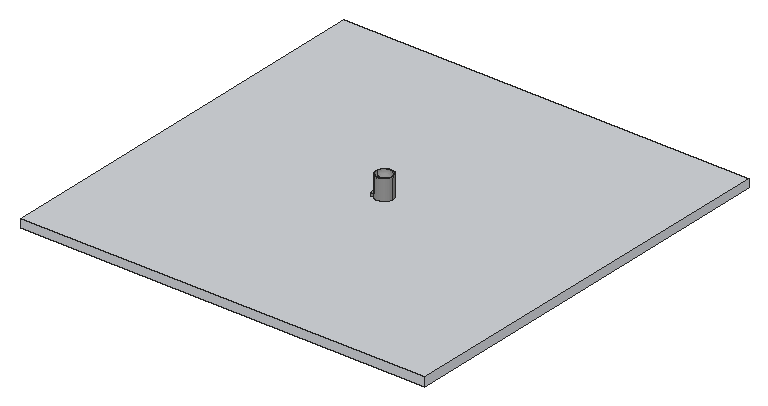
Revit family "LAMP_KOMBIC 100 SURFACE TRACK 2000 CRI80 OPAL", category Luminarias, Revit 2018
Family settings
  Anfitrión = Cara
  Cota de conector redondo = Diámetro de uso
  Tipo de pieza = Normal
  Corte con vacíos al cargar = No
  Origen de luz = Sí
  Compartido = No
  Punto de cálculo de habitación = No
Parameters (values of type "1392LM 3000K  M/B")
  Ángulo de inclinación = -90.00°
  Weight = 0.498 kg
  UGR = ""
  Type = "COB PHILIPS"
  Protection rating = "IP40"
  Product datasheet = "http://www.lamp.es/product-files/TECH/K11TK2040OP830NMB-EN.pdf"
  Product code = "K11TK2040OP830NMB"
  Product URL = "https://www.lamp.es/en/family/kombic-surface_474354"
  Power Supply = "220-240V 50/60Hz"
  Power = 12 W
  Plum = 13.4 W
  Modelo = Product code  # "K11TK2040OP830NMB"
  Model explanation = "Possibility of chossing between surface or suspended within the model"
  Material reflector = LAMP_PC Reflector Kombic Metalizado Mate
  Material floron = LAMP_Plástico genérico NG
  Material difusor = LAMP_PMMA Difusor Kombic
  Material cuerpo = LAMP_Plástico genérico NG
  Material cable suspension = LAMP_Acero genérico
  Manufacturer name = "LAMP"
  Manufacturer country = "Spain"
  Manufacturer URL = "http://www.lamp.es/en"
  MacAdam = "3"
  Luminaire type = "Track"
  Last update = "27/07/2021"
  Lamp = "COB LED"
  LED Lifetime = "50.000 L80 B10"
  Insulation class = "I"
  Installation instructions = "https://www.lamp.es/product-files/packed/by-family/474354_INS_all.zip"
  IEE = "A+"
  Wattage = 13.4 W
  built-in parameter 1150107 = 3000 (stored number, unit not read)
  built-in parameter 1150110 = 1 (stored number, unit not read)
  built-in parameter 1150109 = 1 (stored number, unit not read)
  built-in parameter 1150112 = 1 (stored number, unit not read)
  built-in parameter 1150113 = 1 (stored number, unit not read)
  built-in parameter 1114218 = 1 (stored number, unit not read)
  built-in parameter 1150137 = (empty or 0)
  built-in parameter 1150132 = 2
  built-in parameter 1150105 = 110.79 (stored number, unit not read)
  built-in parameter 1150102 = (empty or 0)
  built-in parameter 1150106 = 1.1079 (stored number, unit not read)
  Height = 120 mm
  Gear = "Electronic"
  Lumens = 1392.26 lm
  Finish = "Matte black RAL 9011"
  Color Filter = 16777215
  built-in parameter 1114217 = 1 (stored number, unit not read)
  built-in parameter 1150139 = (empty or 0)
  Fabricante = Manufacturer name  # "LAMP"
  Default Elevation = 1219.2 mm
  built-in parameter 1150104 = 9.6526 (stored number, unit not read)
  Efficacy = 103.9 lm/W
  Diameter = 100 mm
  built-in parameter 1150115 = 1 (stored number, unit not read)
  built-in parameter 1150114 = 1 (stored number, unit not read)
  built-in parameter 1150138 = (empty or 0)
  built-in parameter 1150134 = (empty or 0)
  Dimming Lamp Color Temperature Shift = (empty or 0)
  CRI = "80"
  Archivo de red fotométrica = "K11rd2040OP830NMw.IES"
  built-in parameter 1150133 = 10 (stored number, unit not read)
Types (12, lengths in mm): name | Product datasheet | Product code | Plum | Modelo | Material reflector | Material cuerpo | Wattage | built-in parameter 1150107 | built-in parameter 1150105 | built-in parameter 1150106 | Lumens | Finish | built-in parameter 1150104 | Efficacy | built-in parameter 1150134 | Archivo de red fotométrica
  1392LM 3000K  M/B | "http://www.lamp.es/product-files/TECH/K11TK2040OP830NMB-EN.pdf" | "K11TK2040OP830NMB" | 13.4 W | "K11TK2040OP830NMB" | LAMP_PC Reflector Kombic Metalizado Mate | LAMP_Plástico genérico NG | 13.4 W | 3000 (stored number, unit not read) | 110.79 (stored number, unit not read) | 1.1079 (stored number, unit not read) | 1392.26 lm | "Matte black RAL 9011" | 9.6526 (stored number, unit not read) | 103.9 lm/W | (empty or 0) | "K11rd2040OP830NMw.IES"
  1392LM 3000K  M/W | "http://www.lamp.es/product-files/TECH/K11TK2040OP830NMW-EN.pdf" | "K11TK2040OP830NMW" | 13.4 W | "K11TK2040OP830NMW" | LAMP_PC Reflector Kombic Metalizado Mate | LAMP_Plástico genérico BL | 13.4 W | 3000 (stored number, unit not read) | 110.79 (stored number, unit not read) | 1.1079 (stored number, unit not read) | 1392.26 lm | "Matte Traffic white RAL 9016" | 9.6526 (stored number, unit not read) | 103.9 lm/W | (empty or 0) | "K11rd2040OP830NMW.IES"
  1454LM 3000K  W/B | "http://www.lamp.es/product-files/TECH/K11TK2040OP830NWB-EN.pdf" | "K11TK2040OP830NWB" | 13.4 W | "K11TK2040OP830NWB" | LAMP_PC Reflector Kombic Blanco | LAMP_Plástico genérico NG | 13.4 W | 3000 (stored number, unit not read) | 1301 (stored number, unit not read) | 13.01 (stored number, unit not read) | 1453.9 lm | "Matte black RAL 9011" | 10.08 (stored number, unit not read) | 108.5 lm/W | (empty or 0) | "K11rd2040OP830NWw.IES"
  1454LM 3000K  W/W | "http://www.lamp.es/product-files/TECH/K11TK2040OP830NWW-EN.pdf" | "K11TK2040OP830NWW" | 13.4 W | "K11TK2040OP830NWW" | LAMP_PC Reflector Kombic Blanco | LAMP_Plástico genérico BL | 13.4 W | 3000 (stored number, unit not read) | 1301 (stored number, unit not read) | 13.01 (stored number, unit not read) | 1453.9 lm | "Matte Traffic white RAL 9016" | 10.08 (stored number, unit not read) | 108.5 lm/W | (empty or 0) | "K11rd2040OP830NWW.IES"
  1460LM 3000K  BR/B | "http://www.lamp.es/product-files/TECH/K11TK2040OP830NRB-EN.pdf" | "K11TK2040OP830NRB" | 13.7 W | "K11TK2040OP830NRB" | LAMP_PC Reflector Kombic Metalizado Brillante | LAMP_Plástico genérico NG | 13.7 W | 3000 (stored number, unit not read) | 1429 (stored number, unit not read) | 14.29 (stored number, unit not read) | 1460.42 lm | "Matte black RAL 9011" | 9.9035 (stored number, unit not read) | 106.6 lm/W | (empty or 0) | "K11rd2040OP830NRw.IES"
  1460LM 3000K  BR/W | "http://www.lamp.es/product-files/TECH/K11TK2040OP830NRW-EN.pdf" | "K11TK2040OP830NRW" | 13.7 W | "K11TK2040OP830NRW" | LAMP_PC Reflector Kombic Metalizado Brillante | LAMP_Plástico genérico BL | 13.7 W | 3000 (stored number, unit not read) | 1429 (stored number, unit not read) | 14.29 (stored number, unit not read) | 1460.42 lm | "Matte Traffic white RAL 9016" | 9.9035 (stored number, unit not read) | 106.6 lm/W | (empty or 0) | "K11rd2040OP830NRW.IES"
  1474LM 4000K  M/B | "http://www.lamp.es/product-files/TECH/K11TK2040OP840NMB-EN.pdf" | "K11TK2040OP840NMB" | 13.4 W | "K11TK2040OP840NMB" | LAMP_PC Reflector Kombic Metalizado Mate | LAMP_Plástico genérico NG | 13.4 W | 4000 (stored number, unit not read) | 1319 (stored number, unit not read) | 13.19 (stored number, unit not read) | 1474 lm | "Matte black RAL 9011" | 10.219 (stored number, unit not read) | 110 lm/W | 12 | "K11rd2040OP840NMw.IES"
  1474LM 4000K  M/W | "http://www.lamp.es/product-files/TECH/K11TK2040OP840NMW-EN.pdf" | "K11TK2040OP840NMW" | 13.4 W | "K11TK2040OP840NMW" | LAMP_PC Reflector Kombic Metalizado Mate | LAMP_Plástico genérico BL | 13.4 W | 4000 (stored number, unit not read) | 1319 (stored number, unit not read) | 13.19 (stored number, unit not read) | 1474 lm | "Matte Traffic white RAL 9016" | 10.219 (stored number, unit not read) | 110 lm/W | 12 | "K11rd2040OP840NMW.IES"
  1541LM 4000K  W/B | "http://www.lamp.es/product-files/TECH/K11TK2040OP840NWB-EN.pdf" | "K11TK2040OP840NWB" | 13.4 W | "K11TK2040OP840NWB" | LAMP_PC Reflector Kombic Blanco | LAMP_Plástico genérico NG | 13.4 W | 4000 (stored number, unit not read) | 1378.9 (stored number, unit not read) | 13.789 (stored number, unit not read) | 1541 lm | "Matte black RAL 9011" | 10.684 (stored number, unit not read) | 115 lm/W | 12 | "K11rd2040OP840NWw.IES"
  1541LM 4000K  W/W | "http://www.lamp.es/product-files/TECH/K11TK2040OP840NWW-EN.pdf" | "K11TK2040OP840NWW" | 13.4 W | "K11TK2040OP840NWW" | LAMP_PC Reflector Kombic Blanco | LAMP_Plástico genérico BL | 13.4 W | 4000 (stored number, unit not read) | 1378.9 (stored number, unit not read) | 13.789 (stored number, unit not read) | 1541 lm | "Matte Traffic white RAL 9016" | 10.684 (stored number, unit not read) | 115 lm/W | 12 | "K11rd2040OP840NWW.IES"
  1547LM 4000K  BR/B | "http://www.lamp.es/product-files/TECH/K11TK2040OP840NRB-EN.pdf" | "K11TK2040OP840NRB" | 13.4 W | "K11TK2040OP840NRB" | LAMP_PC Reflector Kombic Metalizado Brillante | LAMP_Plástico genérico NG | 13.4 W | 4000 (stored number, unit not read) | 1383.7 (stored number, unit not read) | 13.837 (stored number, unit not read) | 1546.36 lm | "Matte black RAL 9011" | 10.721 (stored number, unit not read) | 115.4 lm/W | 12 | "K11rd2040OP840NRw.IES"
  1547LM 4000K  BR/W | "http://www.lamp.es/product-files/TECH/K11TK2040OP840NRW-EN.pdf" | "K11TK2040OP840NRW" | 13.4 W | "K11TK2040OP840NRW" | LAMP_PC Reflector Kombic Metalizado Brillante | LAMP_Plástico genérico BL | 13.4 W | 4000 (stored number, unit not read) | 1383.7 (stored number, unit not read) | 13.837 (stored number, unit not read) | 1546.36 lm | "Matte Traffic white RAL 9016" | 10.721 (stored number, unit not read) | 115.4 lm/W | 12 | "K11rd2040OP840NRw.IES"
Reference planes
  plane 1 "Centro (Frontal/Posterior)": y = 0
  plane 2: z = 0
  plane 3 "Centro (Izquierda/Derecha)": x = 0
Forms (mm)
  Extrusion 1, solid
    sketch origin (0, 0, 0) x (1, 0, 0) y (0, 1, 0)
      loop
        line (-1219.2, 1219.2) -> (-1219.2, -1219.2) -> (1219.2, -1219.2) -> (1219.2, 1219.2) -> (-1219.2, 1219.2)
    from 0 to -50
  Extrusion 2, solid, material "LAMP_Plástico genérico NG" <- "Material cuerpo"
    sketch origin (0, 0, 0) x (1, 0, 0) y (0, 1, 0)
      loop
        circle (0, 0) r 50
    from 14 to 134
  Extrusion 3, void
    sketch origin (0, 0, 0) x (1, 0, 0) y (0, 1, 0)
      loop
        circle (0, 0) r 48
    from 25.333 to 134
  Sweep 4, solid, material "LAMP_PC Reflector Kombic Metalizado Mate" <- "Material reflector"
    path origin (105.103, -251.845, 134) x (1, 0, 0) y (0, 1, 0)
      loop
        circle (-105.103, 251.959) r 48
    profile origin (0, 48.114, 134) x (0, -1, 0) y (0, 0, 1)
      loop
        arc (0, 0) -> (6.616, -20.646) -> (24, -33.6) r 35.52
        line (24, -33.6) -> (24, -32.6)
        arc (24, -32.6) -> (7.196, -20.217) -> (2, 0) r 31.112
        line (2, 0) -> (0, 0)
  Extrusion 5, solid, material "LAMP_PMMA Difusor Kombic" <- "Material difusor"
    sketch origin (0, 0, 0) x (1, 0, 0) y (0, 1, 0)
      loop
        circle (0, 0) r 24
    from 100.4 to 101.4
  Extrusion 6, solid, material "LAMP_Plástico genérico NG" <- "Material cuerpo"
    sketch origin (0, 0, 0) x (1, 0, 0) y (0, 1, 0)
      loop
        arc (-66.129, 16) -> (-70, 0) -> (-66.129, -16) r 35
        line (-66.129, -16) -> (-3.871, -16)
        arc (-3.871, -16) -> (0, 0) -> (-3.871, 16) r 35
        line (-3.871, 16) -> (-66.129, 16)
    from -26 to 14
  Extrusion 7, void
    sketch origin (0, 0, 0) x (0, 1, 0) y (0, 0, 1)
      loop
        line (17, 0) -> (7, 0) -> (7, -25) -> (-7, -25) -> (-7, 0) -> (-17, 0) -> (-17, -26) -> (17, -26) -> (17, 0)
    from -82.029 to 0
Cuts and joins
  Extrusion 3 cuts Extrusion 2
  Extrusion 7 cuts Extrusion 6
Text (mm)
  text "Any modification of the parameters and properties of the LAMP BIM models must be executed and validated by the LAMP technical department.\nPhone: +34 93 736 68 00\nE-mail: lamp@lamp.es\n\nLAMP reserves the right to modify the technical specifications of its products." at (1856.491, -4316.333, -2622.127), in view "Preview"
Dimensions and locks
  locked: Extrusion 2 to Extrusion 2 at 120
  locked: cut or joined group of Extrusion 2, Extrusion 3 to cut or joined group of Extrusion 2, Extrusion 3 at 108.667
  aligned and locked: plane 2 to Extrusion 1
  aligned and locked: level to Extrusion 1
  aligned and locked: Extrusion 2 to Extrusion 3
  aligned and locked: Sweep 4 to Extrusion 5
  aligned and locked: Extrusion 5 to Sweep 4
  aligned and locked: imposter light to cut or joined group of Extrusion 2, Extrusion 3
Connectors
  electrical at (0, 0, 14)
    settings: on cut or joined group of Extrusion 2, Extrusion 3, index 1, voltage 230 V, apparent load 0 VA, apparent load phase1 0 VA, apparent load phase2 0 VA, apparent load phase3 0 VA, power factor 1, load classification "Otro", number of poles 1, system type 31, power factor state 1, is connector primary yes, connector utility no, sub classification motor no, connector description ""
